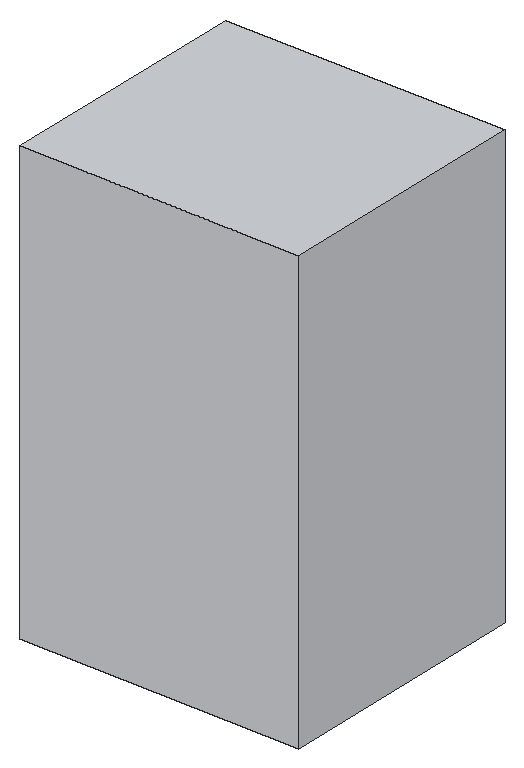
Revit family "CVC_Chaudiere_Weishaupt_WTC-GW-60-B-H", category Equipement de génie climatique, Revit 2026
Family settings
  Cote de connecteur circulaire = Utiliser le diamètre
  Type d'élément = Normal
  Basée sur le plan de construction = Non
  Toujours verticalement = Oui
  Couper avec des vides une fois chargée = Non
  Conserver l'orientation des annotations = Non
  Partagée = Non
  Repère de localisation dans la pièce = Non
Parameters (values of type "60 kW")
  Source = "CCTP lot 12 § 4.3.1 ; notice Weishaupt 83321401"
  Modèle = "WTC-GW 60-B H"
  Fabricant = "Weishaupt"
  Elévation par défaut = 0 mm
  Description = "Chaudière gaz à condensation"
  Caractéristiques CCTP = "60 kW chaud, gaz naturel, condensation ; 2 unités"
  A vérifier = "Dimensions 500x460x792 mm et raccordements à vérifier sur la notice"
Reference planes
  plane 1 "Centre (avant/arrière)": y = 0
  plane 2: z = 0
  plane 3 "Centre (gauche/droite)": x = 0
Forms (mm)
  Extrusion 1, solid
    sketch origin (0, 0, 0) x (1, 0, 0) y (0, 1, 0)
      loop
        line (-250, -230) -> (250, -230) -> (250, 230) -> (-250, 230) -> (-250, -230)
    from 0 to 792
  Extrusion 2, solid
    sketch origin (0, 0, 792) x (1, 0, 0) y (0, 1, 0)
      loop
        circle (-120, -80) r 20
    from 0 to 60
  Extrusion 3, solid
    sketch origin (0, 0, 792) x (1, 0, 0) y (0, 1, 0)
      loop
        circle (120, -80) r 20
    from 0 to 60
  Extrusion 4, solid
    sketch origin (0, 0, 792) x (1, 0, 0) y (0, 1, 0)
      loop
        circle (0, -150) r 11
    from 0 to 60
  Extrusion 5, solid
    sketch origin (0, 0, 792) x (1, 0, 0) y (0, 1, 0)
      loop
        circle (0, 90) r 62.5
    from 0 to 60
Dimensions and locks
  aligned and locked: level to plane 2
Connectors
  piping at (-120, -80, 852), diameter 40
    settings: on Extrusion 2, index 1, connector inside diameter 609.6 mm, connector length 0 mm, flow factor 0, pipe flow 0.0 L/s, pressure drop 0.0 Pa, fitting loss kfactor 0, connector angle 0.00°, fixture units 0, engagement length 0 mm, angle of deflection 0.00°, flow configuration 0, flow direction 0, fitting loss method 0, system type 7, joint type 0, gender type 0, connector reference index -1, connector utility 0, adjustable connector no, is connector primary yes, connector description "Depart chauffage"
  piping at (120, -80, 852), diameter 40
    settings: on Extrusion 3, index 2, connector inside diameter 609.6 mm, connector length 0 mm, flow factor 0, pipe flow 0.0 L/s, pressure drop 0.0 Pa, fitting loss kfactor 0, connector angle 0.00°, fixture units 0, engagement length 0 mm, angle of deflection 0.00°, flow configuration 0, flow direction 0, fitting loss method 0, system type 8, joint type 0, gender type 0, connector reference index -1, connector utility 0, adjustable connector no, is connector primary no, connector description "Retour chauffage"
  piping at (0, -150, 852), diameter 22
    settings: on Extrusion 4, index 3, connector inside diameter 609.6 mm, connector length 0 mm, flow factor 0, pipe flow 0.0 L/s, pressure drop 0.0 Pa, fitting loss kfactor 0, connector angle 0.00°, fixture units 0, engagement length 0 mm, angle of deflection 0.00°, flow configuration 0, flow direction 0, fitting loss method 0, system type 22, joint type 0, gender type 0, connector reference index -1, connector utility 0, adjustable connector no, is connector primary no, connector description "Gaz"
  hvac at (0, 90, 852)
    settings: on Extrusion 5, index 4, duct flow 0.0 L/s, flow factor 0, pres drop 0.0 Pa, loss coef 0, conn angle 0.00°, conn width 304.8 mm, conn height 304.8 mm, conn diameter 125 mm, duct sys type 3, conn prof type 0, flow config 0, flow direction 0, loss method 0, conn ref index -1, conn util no, is conn primary yes, conn desc "Fumees / air DN80-125"
